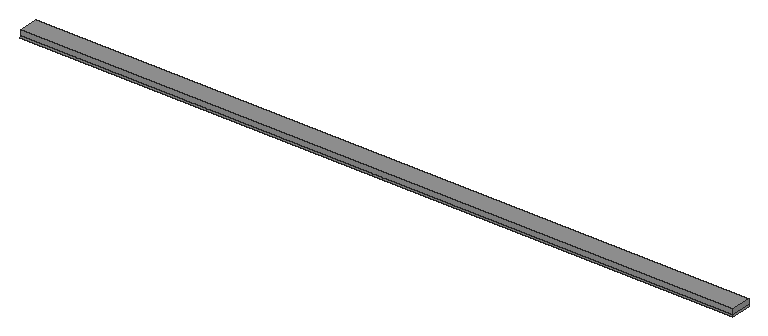
Revit family "0068124", category Lighting Fixtures, host Face, Revit 2017
Family settings
  Host = Face
  Round Connector Dimension = Use Diameter
  Part Type = Normal
  OmniClass Number = 23.80.70.00
  OmniClass Title = Lighting
  Cut with Voids When Loaded = No
  Light Source = Yes
  Shared = No
  Room Calculation Point = No
Parameters (values of type "0068124 START ECO FLEX IP67 RGBW - 500 mm")
  Width_SYL = if(IP20HO_SYL, 10 mm, if(IP65_SYL, 12 mm, if(IP65HO_SYL, 10 mm, if(IP67_SYL, 10 mm, if(IP20RGB_SYL, 8 mm, if(IP20RGBW_SYL, 12 mm, if(IP67RGB_SYL, 12 mm, if(IP67RGBW_SYL, 14 mm, 8 mm))))))))  # 14 mm
  Weight = "7.0 kg"
  Wattage Comments = ""
  Wattage = 72 W
  WarrantyStartDate [instance] = "n/a"
  WarrantyGuarantorParts = "n/a"
  WarrantyDurationUnit = "n/a"
  WarrantyDurationParts = "n/a"
  WarrantyDescription = "n/a"
  built-in parameter 1150110 = 1 (stored number, unit not read)
  Voltage = 24 V
  URL = "http://www.sylvania-lighting.com"
  TypeName = "START ECO FLEX IP67 RGBW - 500 mm"
  Type Image = <None>
  Type Comments = "n/a"
  built-in parameter 1114217 = 1 (stored number, unit not read)
  Tilt Angle = -90.00°
  built-in parameter 1150109 = 1 (stored number, unit not read)
  built-in parameter 1150134 = 5
  built-in parameter 1150113 = 1 (stored number, unit not read)
  StartCapWidth_SYL = if(IP20HO_SYL, 2 mm, if(IP65_SYL, 14 mm, if(IP65HO_SYL, 12 mm, if(IP67_SYL, 17.5 mm, if(IP20RGB_SYL, 2 mm, if(IP20RGBW_SYL, 2 mm, if(IP67RGB_SYL, 14 mm, if(IP67RGBW_SYL, 16 mm, 2 mm))))))))  # 16 mm
  StartCapVisible_SYL [instance] = no
  StartCapLength_SYL = if(IP20HO_SYL, 2 mm, if(IP65_SYL, 10 mm, if(IP65HO_SYL, 15 mm, if(IP67_SYL, 35 mm, if(IP20RGB_SYL, 2 mm, if(IP20RGBW_SYL, 2 mm, if(IP67RGB_SYL, 12 mm, if(IP67RGBW_SYL, 12 mm, 2 mm))))))))  # 12 mm
  StartCapHeight_SYL = if(IP20HO_SYL, 2 mm, if(IP65_SYL, 6 mm, if(IP65HO_SYL, 6 mm, if(IP67_SYL, 9.5 mm, if(IP20RGB_SYL, 2 mm, if(IP20RGBW_SYL, 2 mm, if(IP67RGB_SYL, 7 mm, if(IP67RGBW_SYL, 7 mm, 2 mm))))))))  # 7 mm
  SerialNumber [instance] = "n/a"
  SealingVisibility_SYL = yes
  IP67_SYL = no
  IP67RGB_SYL = no
  IP67RGBW_SYL = yes
  IP65_SYL = no
  IP65HO_SYL = no
  IP20RGB_SYL = no
  IP20RGBW_SYL = no
  IP20HO_SYL = no
  HeightWithSealing_SYL = if(IP20HO_SYL, 2 mm, if(IP65_SYL, 4 mm, if(IP65HO_SYL, 4 mm, if(IP67_SYL, 6 mm, if(IP20RGB_SYL, 2 mm, if(IP20RGBW_SYL, 2 mm, if(IP67RGB_SYL, 5 mm, if(IP67RGBW_SYL, 5 mm, 2 mm))))))))  # 5 mm
  Photometric Web File = "0068124.ies"
  Material_3_SYL = ABS Plastic
  PowerFactor = 0
  PowerConsumption = "72 W"
  NominalLength = 5000 mm
  NominalHeight = 5.4 mm
  NominalDepth = 14.2 mm
  Name = "START ECO FLEX IP67 RGBW - 500 mm"
  ModelReference = Name  # "START ECO FLEX IP67 RGBW - 500 mm"
  ModelNumber = "0068124"
  Model = Name  # "START ECO FLEX IP67 RGBW - 500 mm"
  Material = "pvc housing"
  ManufacturerName = "Feilo Sylvania"
  Manufacturer = "Feilo Sylvania"
  LuminousEfficacy = "45 lm/W"
  built-in parameter 1150105 = 926.37 (stored number, unit not read)
  Lumens = 3240 lm
  LuminaireType = ""
  built-in parameter 1150115 = 1 (stored number, unit not read)
  LightOutputRatio = "n/a"
  built-in parameter 1150137 = (empty or 0)
  built-in parameter 1150139 = (empty or 0)
  Length_SYL = 500 mm
  LampsType = Lamp  # "LED"
  LampNominalLuminous = "3250 lm"
  LampMacAdamStep = "n/a"
  LampColourTemperature = "6000 K"
  LampColourRenderingIndex = "50"
  built-in parameter 1150112 = 1 (stored number, unit not read)
  built-in parameter 1150114 = 1 (stored number, unit not read)
  Lamp = "LED"
  Keynote = "16500"
  InstallationDate [instance] = "n/a"
  InputVoltage = "24V DC"
  InputNominalFrequency = "n/a"
  built-in parameter 1150132 = (empty or 0)
  built-in parameter 1150102 = (empty or 0)
  built-in parameter 1150107 = 6000 (stored number, unit not read)
  built-in parameter 1150138 = (empty or 0)
  IngressProtection = "IP67"
  ImpactProtectionIndex = "IK00"
  built-in parameter 1150106 = 9.2637 (stored number, unit not read)
  IfcExportType = "IfcLightFixtureType"
  IfcExportAs = "IfcLightFixtureType"
  EndCapWidth_SYL = if(IP20HO_SYL, 2 mm, if(IP65_SYL, 14 mm, if(IP65HO_SYL, 12 mm, if(IP67_SYL, 17.5 mm, if(IP20RGB_SYL, 2 mm, if(IP20RGBW_SYL, 2 mm, if(IP67RGB_SYL, 14 mm, if(IP67RGBW_SYL, 16 mm, 2 mm))))))))  # 16 mm
  EndCapVisible_SYL [instance] = no
  EndCapLength_SYL = if(IP20HO_SYL, 2 mm, if(IP65_SYL, 10 mm, if(IP65HO_SYL, 10 mm, if(IP67_SYL, 15 mm, if(IP20RGB_SYL, 2 mm, if(IP20RGBW_SYL, 2 mm, if(IP67RGB_SYL, 10 mm, if(IP67RGBW_SYL, 10 mm, 2 mm))))))))  # 10 mm
  EndCapHeight_SYL = if(IP20HO_SYL, 2 mm, if(IP65_SYL, 6 mm, if(IP65HO_SYL, 6 mm, if(IP67_SYL, 9.5 mm, if(IP20RGB_SYL, 2 mm, if(IP20RGBW_SYL, 2 mm, if(IP67RGB_SYL, 7 mm, if(IP67RGBW_SYL, 7 mm, 2 mm))))))))  # 7 mm
  EmitSurfaceOffset_SYL = 1 mm  # constant formula
  EmitSurfaceHeight_SYL = if(IP20HO_SYL, 1.2 mm, if(IP65_SYL, 4 mm, if(IP65HO_SYL, 4 mm, if(IP67_SYL, 6 mm, if(IP20RGB_SYL, 1.2 mm, if(IP20RGBW_SYL, 1.2 mm, if(IP67RGB_SYL, 5 mm, if(IP67RGBW_SYL, 5 mm, 1.2 mm))))))))  # 5 mm
  Emit from Rectangle Width = if(IP20HO_SYL, 3.5 mm, if(IP65_SYL, 12 mm, if(IP65HO_SYL, 10 mm, if(IP67_SYL, 10 mm, if(IP20RGB_SYL, 5 mm, if(IP20RGBW_SYL, 5 mm, if(IP67RGB_SYL, 12 mm, if(IP67RGBW_SYL, 14 mm, 3.5 mm))))))))  # 14 mm
  Emit from Rectangle Length = Length_SYL - 2 * EmitSurfaceOffset_SYL  # 498 mm
  Emit Shape Visible in Rendering = no
  ElectricShockClassification = "Class III"
  built-in parameter 1150104 = 4.1806 (stored number, unit not read)
  DocumentationLiterature = "http://www.sylvania-lighting.com/product/en-int/products/0068124"
  DimmingControlOptions = "n/a"
  Material_2_SYL = LED
  Dimming Lamp Color Temperature Shift = <None>
  Description = "5 metre IP67 LED reel with pre-attached 3M adhesive type;  equipped with 600 LEDs; 24V; RGBW; CRI80; 30000 hrs (L70); White colour 2700K"
  Default Elevation = 1219.2 mm
  CreatedOn = "9/11/2019"
  CreatedBy = "@sylvania-lighting.com"
  Cost = 0
  Color Filter = 16777215
  built-in parameter 1114216 [instance] = (empty or 0)
  ClassificationValue = "EF_70_80"
  ClassificationName = "Uniclass2015"
  Material_1_SYL = Aluminum
  BarCode [instance] = "n/a"
  built-in parameter 1114218 = 1 (stored number, unit not read)
  built-in parameter 1150133 = 10 (stored number, unit not read)
  AssetType = "Fixed"
  AssetIdentifier [instance] = "n/a"
  Assembly Code = "D5020200"
  Apparent Load = 72 VA
  Material_4_SYL = Polycarbonate, Clear
Types (4, lengths in mm): name | TypeName | StartCapVisible_SYL | Name | ModelReference | Model | Length_SYL | EndCapVisible_SYL | Emit from Rectangle Length
  0068124 START ECO FLEX IP67 RGBW - 500 mm | "START ECO FLEX IP67 RGBW - 500 mm" | no | "START ECO FLEX IP67 RGBW - 500 mm" | "START ECO FLEX IP67 RGBW - 500 mm" | "START ECO FLEX IP67 RGBW - 500 mm" | 500 | no | 498
  0068124 START ECO FLEX IP67 RGBW - 100 mm | "START ECO FLEX IP67 RGBW - 100 mm" | no | "START ECO FLEX IP67 RGBW - 100 mm" | "START ECO FLEX IP67 RGBW - 100 mm" | "START ECO FLEX IP67 RGBW - 100 mm" | 100 | no | 98
  0068124 START ECO FLEX IP67 RGBW - 50 mm | "START ECO FLEX IP67 RGBW - 50 mm" | yes | "START ECO FLEX IP67 RGBW - 50 mm" | "START ECO FLEX IP67 RGBW - 50 mm" | "START ECO FLEX IP67 RGBW - 50 mm" | 50 | yes | 48
  0068124 START ECO FLEX IP67 RGBW - 10 mm | "START ECO FLEX IP67 RGBW - 10 mm" | yes | "START ECO FLEX IP67 RGBW - 10 mm" | "START ECO FLEX IP67 RGBW - 10 mm" | "START ECO FLEX IP67 RGBW - 10 mm" | 10 | yes | 8
Reference planes
  plane 1 "Center (Front/Back)": y = 0
  plane 2: z = 0
  plane 3 "Center (Left/Right)": x = 0
  plane 4: y = 7
  plane 5: y = -7
  plane 6: z = 1.2
  plane 7: x = 500
  plane 8: x = 250
  plane 9: x = 1
  plane 10: x = 499
  plane 11: y = 1.8
  plane 12: y = -1.8
  plane 13: y = 8
  plane 14: y = -8
  plane 15: x = -12
  plane 16: x = 510
  plane 17: y = 8
  plane 18: y = -8
  plane 19: z = 5
  plane 20: z = 5
  plane 21: z = 2.5
  plane 22: z = -1
  plane 23: z = 6
  plane 24: z = 6
  plane 25: z = -1
Forms (mm)
  Extrusion 1, solid, material "Aluminum" <- "Material_1_SYL"
    sketch origin (0, 0, 0) x (0, 1, 0) y (0, 0, 1)
      loop
        line (-7, 1.2) -> (-7, 0) -> (7, 0) -> (7, 1.2) -> (-7, 1.2)
    from 0 to 500
  Extrusion 2, solid, material "Polycarbonate, Clear" <- "Material_4_SYL", visible <- "SealingVisibility_SYL"
    sketch origin (0, 0, 0) x (0, 1, 0) y (0, 0, 1)
      loop
        line (-7, 1.2) -> (7, 1.2) -> (7, 5) -> (-7, 5) -> (-7, 1.2)
    from 0 to 500
  Extrusion 3, solid, visible <- "StartCapVisible_SYL"
    sketch origin (0, 0, 0) x (0, 1, 0) y (0, 0, 1)
      loop
        line (-8, -1) -> (8, -1) -> (8, 6) -> (-8, 6) -> (-8, -1)
    from 0 to -12
  Extrusion 4, solid, visible <- "EndCapVisible_SYL"
    sketch origin (500, 1524, 1219.2) x (0, 1, 0) y (0, 0, 1)
      loop
        line (-1516, -1220.2) -> (-1516, -1213.2) -> (-1532, -1213.2) -> (-1532, -1220.2) -> (-1516, -1220.2)
    from 0 to 10
Lines and regions (mm)
  Split face 1
    outline origin (0, -7, 1.2) x (0, 1, 0) y (-1, 0, 0)
      loop
        line (8.8, -1) -> (5.2, -1) -> (5.2, -499) -> (8.8, -499) -> (8.8, -1)
  reference lines
    curve 1: line (1, 1.8, 0) -> (499, 1.8, 0)
    curve 2: line (1, -1.8, 0) -> (1, 1.8, 0)
    curve 3: line (499, -1.8, 0) -> (1, -1.8, 0)
    curve 4: line (499, 1.8, 0) -> (499, -1.8, 0)
Dimensions and locks
  equal spacing: plane 5, plane 1 "Center (Front/Back)", plane 4
  "Width_SYL": plane 5 to plane 4
  "Length_SYL": plane 3 "Center (Left/Right)" to plane 7
  "EmitSurfaceOffset_SYL": plane 3 "Center (Left/Right)" to plane 9
  equal spacing: plane 9, plane 8, plane 10
  "EmitSurfaceOffset_SYL": plane 10 to plane 7
  equal spacing: plane 12, plane 1 "Center (Front/Back)", plane 11
  locked: plane 12 to plane 11 at 3.6
  equal spacing: plane 14, plane 1 "Center (Front/Back)", plane 13
  "StartCapWidth_SYL": plane 14 to plane 13
  "StartCapLength_SYL": plane 15 to plane 3 "Center (Left/Right)"
  equal spacing: plane 18, plane 1 "Center (Front/Back)", plane 17
  "EndCapWidth_SYL": plane 18 to plane 17
  "EndCapLength_SYL": plane 7 to plane 16
  "EmitSurfaceHeight_SYL": plane 19 to plane 2
  "HeightWithSealing_SYL": host face to plane 20
  equal spacing: plane 2, plane 21, plane 19
  equal spacing: plane 22, plane 21, plane 23
  "EndCapHeight_SYL": plane 22 to plane 23
  equal spacing: plane 25, plane 21, plane 24
  "StartCapHeight_SYL": plane 25 to plane 24
  aligned and locked: plane 2 to host face
  aligned and locked: level to host face
  aligned and locked: plane 6 to Extrusion 1 sketch curve
  aligned and locked: Extrusion 1 sketch curve to plane 5
  aligned and locked: level to Extrusion 1 sketch curve
  aligned and locked: plane 4 to Extrusion 1 sketch curve
  aligned and locked: plane 7 to Extrusion 1
  aligned and locked: imposter light to plane 1 "Center (Front/Back)"
  aligned and locked: plane 8 to imposter light
  aligned and locked: plane 11 to curve 1
  aligned and locked: plane 9 to curve 2
  aligned and locked: curve 3 to plane 12
  aligned and locked: curve 4 to plane 10
  aligned and locked: Split face 1 sketch curve to curve 1
  aligned and locked: Split face 1 sketch curve to curve 4
  aligned and locked: Split face 1 sketch curve to curve 3
  aligned and locked: Split face 1 sketch curve to curve 2
  aligned and locked: imposter light to plane 19
  aligned and locked: Extrusion 2 sketch curve to Extrusion 1  (x2)
  aligned and locked: Extrusion 2 sketch curve to plane 20
  aligned and locked: Extrusion 2 sketch curve to plane 4
  aligned and locked: Extrusion 2 to plane 3 "Center (Left/Right)"
  aligned and locked: plane 7 to Extrusion 2
  aligned and locked: plane 22 to Extrusion 3 sketch curve
  aligned and locked: plane 14 to Extrusion 3 sketch curve
  aligned and locked: Extrusion 3 sketch curve to plane 23
  aligned and locked: Extrusion 3 sketch curve to plane 13
  aligned and locked: Extrusion 3 to plane 15
  aligned and locked: plane 3 "Center (Left/Right)" to Extrusion 3
  aligned and locked: plane 13 to Extrusion 4 sketch curve
  aligned and locked: plane 23 to Extrusion 4 sketch curve
  aligned and locked: Extrusion 4 sketch curve to plane 18
  aligned and locked: Extrusion 4 sketch curve to plane 25
  aligned and locked: plane 16 to Extrusion 4
  aligned and locked: Extrusion 4 to plane 7
Automatic sketch dimensions
  host sketch curve to host sketch curve = 600 mm
  host sketch curve to host sketch curve = 100 mm
Connectors
  electrical at (0, 0, 0.6), driven by "Voltage", driven by "Apparent Load", driven by "PowerFactor"
    settings: on Extrusion 1, index 1, voltage 24 V, apparent load 72 VA, apparent load phase1 0 VA, apparent load phase2 0 VA, apparent load phase3 0 VA, power factor 0, load classification "Other", number of poles 1, system type 30, power factor state 1, is connector primary yes, connector utility no, sub classification motor no, connector description ""
